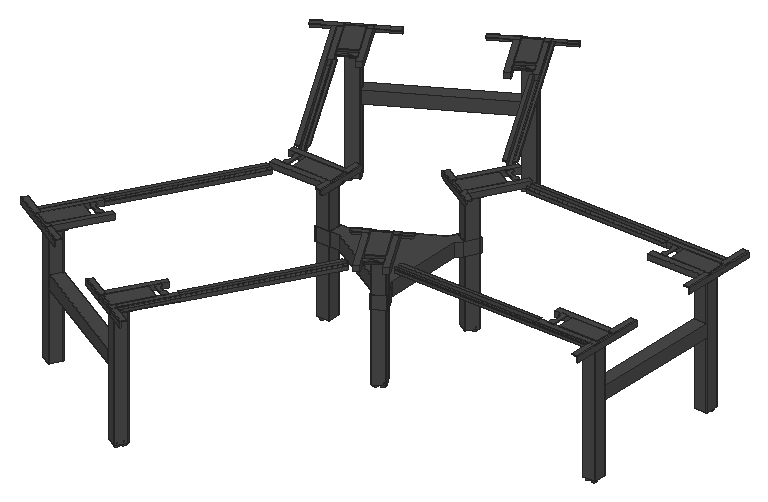
Revit family "Support-Teknion-HWBFYT_hiSpace_120_Frame-R2020", category Furniture, Revit 2020 (continued)
Lines and regions (in)
  symbolic lines, style "FurnitureHiddenLines", detail levels medium+fine
    curve 225: arc (56.37551, -16.35825, 0) -> (56.47295, -16.31789, 0) -> (56.51331, -16.22046, 0) r 0.1378
    curve 226: line (53.79677, -13.64172, 0) -> (53.79677, -11.89172, 0)
    curve 227: line (56.51331, -13.64172, 0) -> (56.51331, -11.89172, 0)
    curve 244: line (15.12499, 17.05825, 0) -> (45.12499, 17.05825, 0)
    curve 245: line (56.62499, 18.18325, 0) -> (15.12499, 18.18325, 0)
    curve 246: line (57.91633, 22.874, 0) -> (57.91633, 7.12597, 0)
    curve 247: line (57.91633, -7.12597, 0) -> (57.91633, -22.874, 0)
    curve 248: line (57.0448, 16.57479, 0) -> (53.26528, 16.57479, 0)
    curve 249: line (53.26528, 16.57479, 0) -> (53.26528, 13.42518, 0)
    curve 250: line (53.26528, 13.42518, 0) -> (57.0448, 13.42518, 0)
    curve 251: line (57.0448, 13.42518, 0) -> (57.0448, 16.57479, 0)
    curve 252: line (56.37551, 16.35828, 0) -> (53.93457, 16.35828, 0)
    curve 253: arc (53.93457, 16.35828, 0) -> (53.83713, 16.31792, 0) -> (53.79677, 16.22048, 0) r 0.1378
    curve 254: line (53.79677, 16.22048, 0) -> (53.79677, 13.77954, 0)
    curve 255: arc (53.79677, 13.77954, 0) -> (53.83713, 13.6821, 0) -> (53.93457, 13.64174, 0) r 0.1378
    curve 256: line (53.79677, 13.64174, 0) -> (56.51331, 13.64174, 0)
    curve 257: arc (56.37551, 13.64174, 0) -> (56.47295, 13.6821, 0) -> (56.51331, 13.77954, 0) r 0.1378
    curve 258: line (56.51331, 13.77954, 0) -> (56.51331, 16.22048, 0)
    curve 259: arc (56.51331, 16.22048, 0) -> (56.47295, 16.31792, 0) -> (56.37551, 16.35828, 0) r 0.1378
    curve 260: line (53.79677, 13.64174, 0) -> (53.79677, 11.89172, 0)
    curve 261: line (56.51331, 13.64174, 0) -> (56.51331, 11.89172, 0)
    curve 278: line (-11.15603, 5.51181, 0) -> (-11.15603, -5.51181, 0)
    curve 279: line (-12.31745, -3.10827, 0) -> (-11.15603, -3.10827, 0)
    curve 280: line (-11.64816, -1.91929, 0) -> (-11.15603, -1.91929, 0)
    curve 281: line (-12.31745, 3.10827, 0) -> (-11.15603, 3.10827, 0)
    curve 282: line (-11.64816, 1.91929, 0) -> (-11.15603, 1.91929, 0)
    curve 283: line (-12.02756, -1.5748, 0) -> (-12.02756, 1.5748, 0)
    curve 284: line (-12.02756, 1.5748, 0) -> (-15.80709, 1.5748, 0)
    curve 285: line (-15.80709, 1.5748, 0) -> (-15.80709, -1.5748, 0)
    curve 286: line (-15.80709, -1.5748, 0) -> (-12.02756, -1.5748, 0)
    curve 287: line (-12.2422, -1.49795, 0) -> (-12.2422, -0.51181, 0)
    curve 288: line (-12.2422, -0.51181, 0) -> (-12.3622, -0.51181, 0)
    curve 289: line (-12.3622, -0.51181, 0) -> (-12.3622, -1.37795, 0)
    curve 290: line (-12.3622, -1.37795, 0) -> (-15.27559, -1.37795, 0)
    curve 291: line (-15.27559, -1.37795, 0) -> (-15.27559, 1.37795, 0)
    curve 292: line (-15.27559, 1.37795, 0) -> (-12.3622, 1.37795, 0)
    curve 293: line (-12.3622, 1.37795, 0) -> (-12.3622, 0.51181, 0)
    curve 294: line (-12.3622, 0.51181, 0) -> (-12.2422, 0.51181, 0)
    curve 295: line (-12.2422, 0.51181, 0) -> (-12.2422, 1.49795, 0)
    curve 296: line (-12.2422, 1.49795, 0) -> (-15.39559, 1.49795, 0)
    curve 297: line (-15.39559, 1.49795, 0) -> (-15.39559, -1.49795, 0)
    curve 298: line (-15.39559, -1.49795, 0) -> (-12.2422, -1.49795, 0)
    curve 299: line (-12.42506, 1.33858, 0) -> (-12.42506, -1.33858, 0)
    curve 300: line (-12.55905, -1.33858, 0) -> (-12.55905, 1.33858, 0)
    curve 301: line (-12.55905, 0.625, 0) -> (-12.42506, 0.625, 0)
    curve 302: line (-12.42506, -0.625, 0) -> (-12.55905, -0.625, 0)
    curve 303: line (-15.13779, -1.35825, 0) -> (-12.69685, -1.35825, 0)
    curve 304: arc (-12.69685, -1.35825, 0) -> (-12.59941, -1.3179, 0) -> (-12.55905, -1.22046, 0) r 0.1378
    curve 305: arc (-15.27559, -1.22046, 0) -> (-15.23523, -1.3179, 0) -> (-15.13779, -1.35825, 0) r 0.1378
    curve 306: line (-12.69685, 1.35828, 0) -> (-15.13779, 1.35828, 0)
    curve 307: arc (-15.13779, 1.35828, 0) -> (-15.23523, 1.31792, 0) -> (-15.27559, 1.22049, 0) r 0.1378
    curve 308: arc (-12.55905, 1.22049, 0) -> (-12.59941, 1.31792, 0) -> (-12.69685, 1.35828, 0) r 0.1378
    curve 325: line (-12.1852, 1.41732, 0) -> (-12.1852, -1.41732, 0)
    curve 326: line (-10.47229, 1.41732, 0) -> (-12.1852, 1.41732, 0)
    curve 327: line (-10.38464, 1.38132, 0) -> (-12.1852, 1.38132, 0)
    curve 328: line (-12.1852, -1.38132, 0) -> (-10.38464, -1.38132, 0)
    curve 329: line (-12.1852, -1.41732, 0) -> (-10.47229, -1.41732, 0)
    curve 330: line (-10.38464, -1.38132, 0) -> (3.99668, -9.68438, 0)
    curve 331: line (-10.45151, -1.38132, 0) -> (-10.27987, -1.08404, 0)
    curve 332: line (-10.27987, -1.08404, 0) -> (-8.52987, -1.08404, 0)
    curve 333: line (-8.52987, -1.08404, 0) -> (3.32616, -7.92909, 0)
    curve 334: line (-10.27987, 1.08404, 0) -> (-10.45151, 1.38132, 0)
    curve 335: line (-8.52987, 1.08404, 0) -> (-10.27987, 1.08404, 0)
    curve 336: line (3.32585, 7.92922, 0) -> (-8.52987, 1.08404, 0)
    curve 337: line (4.86516, 11.26136, 0) -> (4.00871, 9.77793, 0)
    curve 338: line (4.89598, 11.24357, 0) -> (3.99544, 9.68367, 0)
    curve 339: line (7.32004, 9.84403, 0) -> (4.86516, 11.26136, 0)
    curve 340: line (4.02915, 9.74206, 0) -> (4.2008, 9.4448, 0)
    curve 341: line (4.2008, 9.4448, 0) -> (3.32585, 7.92922, 0)
    curve 342: line (6.46358, 8.36061, 0) -> (7.32004, 9.84403, 0)
    curve 343: line (6.38836, 8.30289, 0) -> (7.2885, 9.86224, 0)
    curve 344: line (6.07838, 8.36086, 0) -> (6.42182, 8.36086, 0)
    curve 345: line (5.20357, 6.84521, 0) -> (6.07838, 8.36086, 0)
    curve 346: line (6.38836, -8.30212, 0) -> (6.38836, 8.30289, 0)
    curve 347: line (5.20357, -6.84516, 0) -> (5.20357, 6.84521, 0)
    curve 348: line (3.32616, -7.92909, 0) -> (4.20116, -9.44463, 0)
    curve 349: line (6.07878, -8.36058, 0) -> (5.20357, -6.84516, 0)
    curve 350: line (6.42212, -8.36058, 0) -> (6.07878, -8.36058, 0)
    curve 351: line (4.20116, -9.44463, 0) -> (4.02971, -9.7416, 0)
    curve 352: line (4.00871, -9.77793, 0) -> (4.86516, -11.26136, 0)
    curve 353: line (3.99668, -9.68438, 0) -> (4.8967, -11.24315, 0)
    curve 354: line (7.32004, -9.84403, 0) -> (6.46358, -8.36061, 0)
    curve 355: line (7.28922, -9.86183, 0) -> (6.38836, -8.30212, 0)
    curve 356: line (4.86516, -11.26136, 0) -> (7.32004, -9.84403, 0)
    curve 357: line (9.26736, 12.90194, 0) -> (6.53972, 14.47674, 0)
    curve 358: line (6.53972, 14.47674, 0) -> (4.64996, 11.20357, 0)
    curve 359: line (4.64996, 11.20357, 0) -> (7.3776, 9.62877, 0)
    curve 360: line (7.3776, 9.62877, 0) -> (9.26736, 12.90194, 0)
    curve 361: line (10.35138, 6.9055, 0) -> (0.80465, 12.41731, 0)
    curve 362: line (2.88618, 11.21554, 0) -> (3.46689, 12.22136, 0)
    curve 363: line (8.26986, 8.10727, 0) -> (8.85056, 9.11309, 0)
    curve 364: line (7.24017, 8.70176, 0) -> (7.48623, 9.12796, 0)
    curve 365: line (3.91586, 10.62105, 0) -> (4.16192, 11.04725, 0)
    curve 366: line (3.99544, 9.68367, 0) -> (-10.38464, 1.38132, 0)
    curve 367: line (5.12028, 11.54575, 0) -> (7.43877, 10.20717, 0)
    curve 368: line (5.05328, 11.4297, 0) -> (7.37177, 10.09112, 0)
    curve 369: line (5.67126, 11.07291, 0) -> (5.73826, 11.18896, 0)
    curve 370: line (6.82079, 10.56396, 0) -> (6.75379, 10.44791, 0)
    curve 371: line (5.67786, 10.85797, 0) -> (5.73786, 10.96189, 0)
    curve 372: line (5.73786, 10.96189, 0) -> (4.98776, 11.39496, 0)
    curve 373: line (4.98776, 11.39496, 0) -> (6.44445, 13.91803, 0)
    curve 374: line (6.44445, 13.91803, 0) -> (8.83114, 12.54007, 0)
    curve 375: line (8.83114, 12.54007, 0) -> (7.37444, 10.01701, 0)
    curve 376: line (7.37444, 10.01701, 0) -> (6.62434, 10.45008, 0)
    curve 377: line (6.62434, 10.45008, 0) -> (6.56434, 10.34615, 0)
    curve 378: line (6.56434, 10.34615, 0) -> (7.41837, 9.85308, 0)
    curve 379: line (7.41837, 9.85308, 0) -> (8.99506, 12.584, 0)
    curve 380: line (8.99506, 12.584, 0) -> (6.40053, 14.08195, 0)
    curve 381: line (6.40053, 14.08195, 0) -> (4.82384, 11.35104, 0)
    curve 382: line (4.82384, 11.35104, 0) -> (5.67786, 10.85797, 0)
    curve 383: line (6.3926, 13.78886, 0) -> (5.17213, 11.67494, 0)
    curve 384: arc (6.58084, 13.8393, 0) -> (6.47627, 13.85306, 0) -> (6.3926, 13.78886, 0) r 0.1378
    curve 385: arc (5.17213, 11.67494, 0) -> (5.15837, 11.57038, 0) -> (5.22257, 11.48671, 0) r 0.1378
    curve 386: line (7.52472, 10.31667, 0) -> (8.74519, 12.43059, 0)
    curve 387: arc (8.74519, 12.43059, 0) -> (8.75896, 12.53516, 0) -> (8.69476, 12.61883, 0) r 0.1378
    curve 388: arc (7.33649, 10.26624, 0) -> (7.44105, 10.25247, 0) -> (7.52472, 10.31667, 0) r 0.1378
    curve 405: line (7.3776, -9.62877, 0) -> (4.64996, -11.20357, 0)
    curve 406: line (4.64996, -11.20357, 0) -> (6.53972, -14.47674, 0)
    curve 407: line (6.53972, -14.47674, 0) -> (9.26736, -12.90194, 0)
    curve 408: line (9.26736, -12.90194, 0) -> (7.3776, -9.62877, 0)
    curve 409: line (7.41837, -9.85308, 0) -> (6.56434, -10.34615, 0)
    curve 410: line (6.56434, -10.34615, 0) -> (6.62434, -10.45008, 0)
    curve 411: line (6.62434, -10.45008, 0) -> (7.37444, -10.01701, 0)
    curve 412: line (7.37444, -10.01701, 0) -> (8.83114, -12.54007, 0)
    curve 413: line (8.83114, -12.54007, 0) -> (6.44445, -13.91803, 0)
    curve 414: line (6.44445, -13.91803, 0) -> (4.98776, -11.39496, 0)
    curve 415: line (4.98776, -11.39496, 0) -> (5.73786, -10.96189, 0)
    curve 416: line (5.73786, -10.96189, 0) -> (5.67786, -10.85797, 0)
    curve 417: line (5.67786, -10.85797, 0) -> (4.82384, -11.35104, 0)
    curve 418: line (4.82384, -11.35104, 0) -> (6.40053, -14.08195, 0)
    curve 419: line (6.40053, -14.08195, 0) -> (8.99506, -12.584, 0)
    curve 420: line (8.99506, -12.584, 0) -> (7.41837, -9.85308, 0)
    curve 421: line (5.17213, -11.67492, 0) -> (6.3926, -13.78884, 0)
    curve 422: line (8.74519, -12.43057, 0) -> (7.52472, -10.31665, 0)
    curve 423: arc (8.69476, -12.6188, 0) -> (8.75896, -12.53513, 0) -> (8.74519, -12.43057, 0) r 0.1378
    curve 424: arc (6.3926, -13.78884, 0) -> (6.47627, -13.85304, 0) -> (6.58084, -13.83927, 0) r 0.1378
    curve 425: arc (5.22407, -11.48583, 0) -> (5.15859, -11.56952, 0) -> (5.17213, -11.67492, 0) r 0.1378
    curve 426: arc (7.52472, -10.31665, 0) -> (7.44105, -10.25245, 0) -> (7.33649, -10.26621, 0) r 0.1378
    curve 427: line (7.43877, -10.20717, 0) -> (5.12028, -11.54575, 0)
    curve 428: line (5.12028, 11.54575, 0) -> (5.05328, 11.4297, 0)
    curve 429: line (7.37177, 10.09112, 0) -> (7.43877, 10.20717, 0)
    curve 430: line (-12.42506, 1.33858, 0) -> (-12.55905, 1.33858, 0)
    curve 431: line (-12.55905, -1.33858, 0) -> (-12.42506, -1.33858, 0)
    curve 432: line (5.05328, -11.4297, 0) -> (5.12028, -11.54575, 0)
    curve 433: line (7.37177, -10.09112, 0) -> (5.05328, -11.4297, 0)
    curve 434: line (7.43877, -10.20717, 0) -> (7.37177, -10.09112, 0)
    curve 438: arc (5.22257, -11.48668, 0) -> (5.15837, -11.57035, 0) -> (5.17213, -11.67492, 0) r 0.1378
    curve 452: line (7.21038, -21.62775, 0) -> (-7.78962, -47.60852, 0)
    curve 453: line (-12.56534, -58.13031, 0) -> (8.18466, -22.19025, 0)
    curve 454: line (-23.30965, -4.007, 0) -> (-44.05965, -39.94706, 0)
    curve 455: line (-37.33538, -30.55026, 0) -> (-22.33538, -4.5695, 0)
    curve 456: line (6.75379, -10.44791, 0) -> (6.82079, -10.56396, 0)
    curve 457: line (5.73826, -11.18896, 0) -> (5.67126, -11.07291, 0)
    curve 458: line (-35.12943, -46.59403, 0) -> (-48.76763, -38.72001, 0)
    curve 459: line (-9.1487, -61.59401, 0) -> (-22.7869, -53.72, 0)
    curve 460: line (-38.25918, -39.41649, 0) -> (-40.98682, -37.84169, 0)
    curve 461: line (-40.98682, -37.84169, 0) -> (-42.87659, -41.11486, 0)
    curve 462: line (-42.87659, -41.11486, 0) -> (-40.14895, -42.68966, 0)
    curve 463: line (-40.14895, -42.68966, 0) -> (-38.25918, -39.41649, 0)
    curve 464: line (-42.30399, -40.83171, 0) -> (-40.19007, -42.05218, 0)
    curve 465: arc (-40.19007, -42.05218, 0) -> (-40.08551, -42.06595, 0) -> (-40.00184, -42.00175, 0) r 0.1378
    curve 466: line (-40.07074, -42.12109, 0) -> (-38.71247, -39.7685, 0)
    curve 467: arc (-38.78137, -39.88783, 0) -> (-38.7676, -39.78327, 0) -> (-38.8318, -39.6996, 0) r 0.1378
    curve 468: line (-37.19691, -40.64351, 0) -> (-38.71247, -39.7685, 0)
    curve 469: arc (-40.94572, -38.47912, 0) -> (-41.05028, -38.46536, 0) -> (-41.13395, -38.52956, 0) r 0.1378
    curve 470: line (-41.13395, -38.52956, 0) -> (-42.35443, -40.64348, 0)
    curve 471: arc (-42.35443, -40.64348, 0) -> (-42.36819, -40.74804, 0) -> (-42.30399, -40.83171, 0) r 0.1378
    curve 488: line (-12.27845, -54.41647, 0) -> (-15.00609, -52.84167, 0)
    curve 489: line (-15.00609, -52.84167, 0) -> (-16.89585, -56.11484, 0)
    curve 490: line (-16.89585, -56.11484, 0) -> (-14.16822, -57.68964, 0)
    curve 491: line (-14.16822, -57.68964, 0) -> (-12.27845, -54.41647, 0)
    curve 492: line (-12.85105, -54.69959, 0) -> (-14.96497, -53.47912, 0)
    curve 493: arc (-14.96497, -53.47912, 0) -> (-15.06953, -53.46535, 0) -> (-15.1532, -53.52956, 0) r 0.1378
    curve 494: line (-15.08431, -53.41023, 0) -> (-16.44258, -55.76282, 0)
    curve 495: arc (-16.37367, -55.64348, 0) -> (-16.38744, -55.74804, 0) -> (-16.32324, -55.83171, 0) r 0.1378
    curve 496: line (-17.95812, -54.88782, 0) -> (-16.44258, -55.76282, 0)
    curve 497: arc (-14.20932, -57.05218, 0) -> (-14.10475, -57.06595, 0) -> (-14.02108, -57.00174, 0) r 0.1378
    curve 498: line (-14.02108, -57.00174, 0) -> (-12.80061, -54.88782, 0)
    curve 499: arc (-12.80061, -54.88782, 0) -> (-12.78684, -54.78326, 0) -> (-12.85105, -54.69959, 0) r 0.1378
    curve 516: line (-44.05965, 39.94706, 0) -> (-23.30965, 4.007, 0)
    curve 517: line (-22.33537, 4.5695, 0) -> (-37.33537, 30.55026, 0)
    curve 518: line (-7.78962, 47.60851, 0) -> (7.21038, 21.62775, 0)
    curve 519: line (8.18466, 22.19025, 0) -> (-12.56534, 58.13031, 0)
    curve 520: line (-48.76763, 38.72001, 0) -> (-35.12943, 46.59403, 0)
    curve 521: line (-22.7869, 53.72, 0) -> (-9.1487, 61.59401, 0)
    curve 522: line (-15.00609, 52.84167, 0) -> (-12.27845, 54.41647, 0)
    curve 523: line (-12.27845, 54.41647, 0) -> (-14.16822, 57.68964, 0)
    curve 524: line (-14.16822, 57.68964, 0) -> (-16.89585, 56.11484, 0)
    curve 525: line (-16.89585, 56.11484, 0) -> (-15.00609, 52.84167, 0)
    curve 526: line (-14.20932, 57.05221, 0) -> (-16.32324, 55.83173, 0)
    curve 527: arc (-16.32324, 55.83173, 0) -> (-16.38744, 55.74806, 0) -> (-16.37367, 55.6435, 0) r 0.1378
    curve 528: line (-16.44256, 55.76283, 0) -> (-15.0843, 53.41024, 0)
    curve 529: arc (-15.1532, 53.52958, 0) -> (-15.06953, 53.46538, 0) -> (-14.96497, 53.47915, 0) r 0.1378
    curve 530: line (-16.59986, 52.53523, 0) -> (-15.0843, 53.41024, 0)
    curve 531: arc (-12.85105, 54.69962, 0) -> (-12.78684, 54.78329, 0) -> (-12.80061, 54.88785, 0) r 0.1378
    curve 532: line (-12.80061, 54.88785, 0) -> (-14.02108, 57.00177, 0)
    curve 533: arc (-14.02108, 57.00177, 0) -> (-14.10475, 57.06597, 0) -> (-14.20932, 57.05221, 0) r 0.1378
    curve 550: line (-40.98682, 37.84169, 0) -> (-38.25918, 39.41649, 0)
    curve 551: line (-38.25918, 39.41649, 0) -> (-40.14895, 42.68966, 0)
    curve 552: line (-40.14895, 42.68966, 0) -> (-42.87659, 41.11486, 0)
    curve 553: line (-42.87659, 41.11486, 0) -> (-40.98682, 37.84169, 0)
    curve 554: line (-40.94572, 38.47915, 0) -> (-38.8318, 39.69962, 0)
    curve 555: arc (-38.8318, 39.69962, 0) -> (-38.7676, 39.78329, 0) -> (-38.78137, 39.88785, 0) r 0.1378
    curve 556: line (-38.71246, 39.76851, 0) -> (-40.07073, 42.1211, 0)
    curve 557: arc (-40.00184, 42.00177, 0) -> (-40.08551, 42.06598, 0) -> (-40.19007, 42.05221, 0) r 0.1378
    curve 558: line (-38.55518, 42.9961, 0) -> (-40.07073, 42.1211, 0)
    curve 559: arc (-42.30399, 40.83174, 0) -> (-42.36819, 40.74807, 0) -> (-42.35443, 40.64351, 0) r 0.1378
    curve 560: line (-42.35443, 40.64351, 0) -> (-41.13395, 38.52959, 0)
    curve 561: arc (-41.13395, 38.52959, 0) -> (-41.05028, 38.46538, 0) -> (-40.94572, 38.47915, 0) r 0.1378
    curve 578: line (-44.64037, 41.10289, 0) -> (-44.05966, 40.09707, 0)
    curve 579: line (-43.02998, 40.69156, 0) -> (-43.61069, 41.69738, 0)
    curve 580: line (-40.28638, 43.61667, 0) -> (-39.70567, 42.61085, 0)
    curve 581: line (-37.19691, 40.64351, 0) -> (-39.25669, 44.21116, 0)
    curve 582: line (-18.65964, 56.10287, 0) -> (-18.07893, 55.09705, 0)
    curve 583: line (-17.04924, 55.69154, 0) -> (-11.62995, 46.30505, 0)
    curve 584: line (-14.30564, 58.61665, 0) -> (-13.72493, 57.61083, 0)
    curve 585: line (-12.69525, 58.20532, 0) -> (-13.27596, 59.21114, 0)
    curve 586: line (57.91633, -11.89172, 0) -> (56.75491, -11.89172, 0)
    curve 587: line (56.75491, -13.08069, 0) -> (57.91633, -13.08069, 0)
    curve 588: line (56.75491, -18.10825, 0) -> (57.91633, -18.10825, 0)
    curve 589: line (57.91633, -16.91927, 0) -> (56.75491, -16.91927, 0)
    curve 590: line (57.91633, 13.08069, 0) -> (56.75491, 13.08069, 0)
    curve 591: line (56.75491, 11.89172, 0) -> (57.91633, 11.89172, 0)
    curve 592: line (57.91633, 18.10825, 0) -> (56.75491, 18.10825, 0)
    curve 593: line (56.75491, 16.91927, 0) -> (57.91633, 16.91927, 0)
    curve 594: line (-13.27596, -59.21114, 0) -> (-12.69523, -58.20529, 0)
    curve 595: line (-13.72492, -57.6108, 0) -> (-14.30564, -58.61665, 0)
    curve 596: line (-17.62995, -56.69736, 0) -> (-17.04923, -55.69151, 0)
    curve 597: line (-16.59986, -52.53523, 0) -> (-18.65964, -56.10287, 0)
    curve 598: line (-44.05957, -40.09691, 0) -> (-44.64037, -41.10289, 0)
    curve 599: line (-43.61069, -41.69738, 0) -> (-43.02989, -40.6914, 0)
    curve 600: line (-39.70558, -42.61069, 0) -> (-40.28638, -43.61667, 0)
    curve 601: line (-39.25669, -44.21116, 0) -> (-37.19691, -40.64351, 0)
    curve 674: line (-40.19007, 42.05221, 0) -> (-42.30399, 40.83174, 0)
    curve 675: line (-38.71246, 39.76851, 0) -> (-37.19691, 40.64351, 0)
    curve 676: line (-18.65964, 56.10287, 0) -> (-16.59986, 52.53523, 0)
    curve 677: line (-17.04924, 55.69154, 0) -> (-17.62995, 56.69736, 0)
    curve 678: line (-16.44256, 55.76283, 0) -> (-17.95813, 54.88782, 0)
    curve 679: line (-14.96497, 53.47915, 0) -> (-12.85105, 54.69962, 0)
    curve 680: line (-15.08431, -53.41023, 0) -> (-16.59986, -52.53523, 0)
    curve 681: line (-16.32324, -55.83171, 0) -> (-14.20932, -57.05218, 0)
    curve 682: line (-38.8318, -39.6996, 0) -> (-40.94572, -38.47912, 0)
    curve 683: line (-40.07074, -42.12109, 0) -> (-38.55518, -42.9961, 0)
    curve 684: line (0.80465, -12.41731, 0) -> (10.35138, -6.9055, 0)
    curve 685: line (8.85056, -9.11309, 0) -> (8.26986, -8.10727, 0)
    curve 686: line (7.24017, -8.70176, 0) -> (7.82088, -9.70758, 0)
    curve 687: line (4.49657, -11.62687, 0) -> (3.91586, -10.62105, 0)
    curve 688: line (2.88618, -11.21554, 0) -> (3.46689, -12.22136, 0)
  symbolic lines, style "FurnitureHiddenLines", visible <- "Extended Electric - Extended (22.6"-48.7")", detail levels medium+fine
    curve 228: line (56.32433, -16.07085, 0) -> (56.32433, -13.92518, 0)
    curve 229: arc (56.32433, -13.92518, 0) -> (56.2955, -13.85558, 0) -> (56.22591, -13.82675, 0) r 0.09843
    curve 230: line (56.22591, -13.82675, 0) -> (54.08024, -13.82675, 0)
    curve 231: arc (54.08024, -13.82675, 0) -> (54.01064, -13.85558, 0) -> (53.98181, -13.92518, 0) r 0.09843
    curve 232: line (53.98181, -13.92518, 0) -> (53.98181, -16.07085, 0)
    curve 233: arc (53.98181, -16.07085, 0) -> (54.01064, -16.14045, 0) -> (54.08024, -16.16927, 0) r 0.09843
    curve 234: line (54.08024, -16.16927, 0) -> (56.22591, -16.16927, 0)
    curve 235: arc (56.22591, -16.16927, 0) -> (56.2955, -16.14045, 0) -> (56.32433, -16.07085, 0) r 0.09843
    curve 236: line (56.13929, -15.88581, 0) -> (56.13929, -14.11416, 0)
    curve 237: arc (56.13929, -14.11416, 0) -> (56.11046, -14.04456, 0) -> (56.04087, -14.01573, 0) r 0.09843
    curve 238: line (56.04087, -14.01573, 0) -> (54.26921, -14.01573, 0)
    curve 239: arc (54.26921, -14.01573, 0) -> (54.19962, -14.04456, 0) -> (54.17079, -14.11416, 0) r 0.09843
    curve 240: line (54.17079, -14.11416, 0) -> (54.17079, -15.88581, 0)
    curve 241: arc (54.17079, -15.88581, 0) -> (54.19962, -15.95541, 0) -> (54.26921, -15.98424, 0) r 0.09843
    curve 242: line (54.26921, -15.98424, 0) -> (56.04087, -15.98424, 0)
    curve 243: arc (56.04087, -15.98424, 0) -> (56.11046, -15.95541, 0) -> (56.13929, -15.88581, 0) r 0.09843
    curve 262: line (56.32827, 13.92518, 0) -> (56.32827, 16.07479, 0)
    curve 263: arc (56.32827, 16.07479, 0) -> (56.29944, 16.14438, 0) -> (56.22984, 16.17321, 0) r 0.09843
    curve 264: line (56.22984, 16.17321, 0) -> (54.08024, 16.17321, 0)
    curve 265: arc (54.08024, 16.17321, 0) -> (54.01064, 16.14438, 0) -> (53.98181, 16.07479, 0) r 0.09843
    curve 266: line (53.98181, 16.07479, 0) -> (53.98181, 13.92518, 0)
    curve 267: arc (53.98181, 13.92518, 0) -> (54.01064, 13.85558, 0) -> (54.08024, 13.82675, 0) r 0.09843
    curve 268: line (54.08024, 13.82675, 0) -> (56.22984, 13.82675, 0)
    curve 269: arc (56.22984, 13.82675, 0) -> (56.29944, 13.85558, 0) -> (56.32827, 13.92518, 0) r 0.09843
    curve 270: line (56.13929, 14.11416, 0) -> (56.13929, 15.88581, 0)
    curve 271: arc (56.13929, 15.88581, 0) -> (56.11046, 15.95541, 0) -> (56.04087, 15.98424, 0) r 0.09843
    curve 272: line (56.04087, 15.98424, 0) -> (54.26921, 15.98424, 0)
    curve 273: arc (54.26921, 15.98424, 0) -> (54.19962, 15.95541, 0) -> (54.17079, 15.88581, 0) r 0.09843
    curve 274: line (54.17079, 15.88581, 0) -> (54.17079, 14.11416, 0)
    curve 275: arc (54.17079, 14.11416, 0) -> (54.19962, 14.04456, 0) -> (54.26921, 14.01573, 0) r 0.09843
    curve 276: line (54.26921, 14.01573, 0) -> (56.04087, 14.01573, 0)
    curve 277: arc (56.04087, 14.01573, 0) -> (56.11046, 14.04456, 0) -> (56.13929, 14.11416, 0) r 0.09843
    curve 309: line (-12.84646, 1.17323, 0) -> (-14.99213, 1.17323, 0)
    curve 310: arc (-14.99213, 1.17323, 0) -> (-15.06172, 1.1444, 0) -> (-15.09055, 1.0748, 0) r 0.09843
    curve 311: line (-15.09055, 1.0748, 0) -> (-15.09055, -1.07087, 0)
    curve 312: arc (-15.09055, -1.07087, 0) -> (-15.06172, -1.14046, 0) -> (-14.99213, -1.16929, 0) r 0.09843
    curve 313: line (-14.99213, -1.16929, 0) -> (-12.84646, -1.16929, 0)
    curve 314: arc (-12.84646, -1.16929, 0) -> (-12.77686, -1.14046, 0) -> (-12.74803, -1.07087, 0) r 0.09843
    curve 315: line (-12.74803, -1.07087, 0) -> (-12.74803, 1.0748, 0)
    curve 316: arc (-12.74803, 1.0748, 0) -> (-12.77686, 1.1444, 0) -> (-12.84646, 1.17323, 0) r 0.09843
    curve 317: line (-14.80315, -0.98425, 0) -> (-13.0315, -0.98425, 0)
    curve 318: arc (-13.0315, -0.98425, 0) -> (-12.9619, -0.95542, 0) -> (-12.93307, -0.88583, 0) r 0.09843
    curve 319: line (-12.93307, -0.88583, 0) -> (-12.93307, 0.88583, 0)
    curve 320: arc (-12.93307, 0.88583, 0) -> (-12.9619, 0.95542, 0) -> (-13.0315, 0.98425, 0) r 0.09843
    curve 321: line (-13.0315, 0.98425, 0) -> (-14.80315, 0.98425, 0)
    curve 322: arc (-14.80315, 0.98425, 0) -> (-14.87275, 0.95542, 0) -> (-14.90157, 0.88583, 0) r 0.09843
    curve 323: line (-14.90157, 0.88583, 0) -> (-14.90157, -0.88583, 0)
    curve 324: arc (-14.90157, -0.88583, 0) -> (-14.87275, -0.95542, 0) -> (-14.80315, -0.98425, 0) r 0.09843
    curve 389: line (8.47608, 12.5314, 0) -> (6.61788, 13.60423, 0)
    curve 390: arc (6.61788, 13.60423, 0) -> (6.54319, 13.61407, 0) -> (6.48343, 13.56821, 0) r 0.09843
    curve 391: line (6.48343, 13.56821, 0) -> (5.41059, 11.71, 0)
    curve 392: arc (5.41059, 11.71, 0) -> (5.40076, 11.63532, 0) -> (5.44662, 11.57555, 0) r 0.09843
    curve 393: line (5.44662, 11.57555, 0) -> (7.30482, 10.50272, 0)
    curve 394: arc (7.30482, 10.50272, 0) -> (7.37951, 10.49288, 0) -> (7.43927, 10.53874, 0) r 0.09843
    curve 395: line (7.43927, 10.53874, 0) -> (8.51211, 12.39695, 0)
    curve 396: arc (8.51211, 12.39695, 0) -> (8.52194, 12.47163, 0) -> (8.47608, 12.5314, 0) r 0.09843
    curve 397: line (5.69939, 11.64328, 0) -> (7.23368, 10.75745, 0)
    curve 398: arc (7.23368, 10.75745, 0) -> (7.30837, 10.74762, 0) -> (7.36814, 10.79348, 0) r 0.09843
    curve 399: line (7.36814, 10.79348, 0) -> (8.25396, 12.32778, 0)
    curve 400: arc (8.25396, 12.32778, 0) -> (8.26379, 12.40246, 0) -> (8.21794, 12.46223, 0) r 0.09843
    curve 401: line (8.21794, 12.46223, 0) -> (6.68364, 13.34806, 0)
    curve 402: arc (6.68364, 13.34806, 0) -> (6.60895, 13.35789, 0) -> (6.54919, 13.31203, 0) r 0.09843
    curve 403: line (6.54919, 13.31203, 0) -> (5.66336, 11.77773, 0)
    curve 404: arc (5.66336, 11.77773, 0) -> (5.65353, 11.70305, 0) -> (5.69939, 11.64328, 0) r 0.09843
    curve 435: line (6.61447, -13.6062, 0) -> (8.47267, -12.53337, 0)
    curve 436: arc (8.47267, -12.53337, 0) -> (8.51853, -12.4736, 0) -> (8.5087, -12.39892, 0) r 0.09843
    curve 437: arc (6.48002, -13.57018, 0) -> (6.53978, -13.61603, 0) -> (6.61447, -13.6062, 0) r 0.09843
    curve 439: line (8.5087, -12.39892, 0) -> (7.43586, -10.54071, 0)
    curve 440: line (5.40718, -11.71197, 0) -> (6.48002, -13.57018, 0)
    curve 441: arc (7.43586, -10.54071, 0) -> (7.3761, -10.49485, 0) -> (7.30141, -10.50469, 0) r 0.09843
    curve 442: arc (5.44321, -11.57752, 0) -> (5.39735, -11.63729, 0) -> (5.40718, -11.71197, 0) r 0.09843
    curve 443: line (6.68364, -13.34806, 0) -> (8.21794, -12.46223, 0)
    curve 444: arc (8.21794, -12.46223, 0) -> (8.26379, -12.40246, 0) -> (8.25396, -12.32778, 0) r 0.09843
    curve 445: arc (6.54919, -13.31203, 0) -> (6.60895, -13.35789, 0) -> (6.68364, -13.34806, 0) r 0.09843
    curve 446: line (5.66336, -11.77773, 0) -> (6.54919, -13.31203, 0)
    curve 447: line (8.25396, -12.32778, 0) -> (7.36814, -10.79348, 0)
    curve 448: arc (5.69939, -11.64328, 0) -> (5.65353, -11.70305, 0) -> (5.66336, -11.77773, 0) r 0.09843
    curve 449: arc (7.36814, -10.79348, 0) -> (7.30837, -10.74762, 0) -> (7.23368, -10.75745, 0) r 0.09843
    curve 450: line (7.23368, -10.75745, 0) -> (5.69939, -11.64328, 0)
    curve 451: line (7.30141, -10.50469, 0) -> (5.44321, -11.57752, 0)
    curve 472: line (-39.05047, -39.78703, 0) -> (-40.90867, -38.7142, 0)
    curve 473: arc (-40.90867, -38.7142, 0) -> (-40.98336, -38.70436, 0) -> (-41.04312, -38.75022, 0) r 0.09843
    curve 474: line (-41.04312, -38.75022, 0) -> (-42.11596, -40.60843, 0)
    curve 475: arc (-42.11596, -40.60843, 0) -> (-42.12579, -40.68311, 0) -> (-42.07993, -40.74288, 0) r 0.09843
    curve 476: line (-42.07993, -40.74288, 0) -> (-40.22172, -41.81571, 0)
    curve 477: arc (-40.22172, -41.81571, 0) -> (-40.14704, -41.82554, 0) -> (-40.08727, -41.77969, 0) r 0.09843
    curve 478: line (-40.08727, -41.77969, 0) -> (-39.01444, -39.92148, 0)
    curve 479: arc (-39.01444, -39.92148, 0) -> (-39.00461, -39.84679, 0) -> (-39.05047, -39.78703, 0) r 0.09843
    curve 480: line (-39.30861, -39.8562, 0) -> (-40.84291, -38.97037, 0)
    curve 481: arc (-40.84291, -38.97037, 0) -> (-40.9176, -38.96054, 0) -> (-40.97736, -39.0064, 0) r 0.09843
    curve 482: line (-40.97736, -39.0064, 0) -> (-41.86319, -40.5407, 0)
    curve 483: arc (-41.86319, -40.5407, 0) -> (-41.87302, -40.61538, 0) -> (-41.82716, -40.67515, 0) r 0.09843
    curve 484: line (-41.82716, -40.67515, 0) -> (-40.29286, -41.56097, 0)
    curve 485: arc (-40.29286, -41.56097, 0) -> (-40.21818, -41.57081, 0) -> (-40.15841, -41.52495, 0) r 0.09843
    curve 486: line (-40.15841, -41.52495, 0) -> (-39.27259, -39.99065, 0)
    curve 487: arc (-39.27259, -39.99065, 0) -> (-39.26275, -39.91596, 0) -> (-39.30861, -39.8562, 0) r 0.09843
    curve 500: line (-13.06973, -54.78701, 0) -> (-14.92794, -53.71418, 0)
    curve 501: arc (-14.92794, -53.71418, 0) -> (-15.00262, -53.70435, 0) -> (-15.06239, -53.7502, 0) r 0.09843
    curve 502: line (-15.06239, -53.7502, 0) -> (-16.13522, -55.60841, 0)
    curve 503: arc (-16.13522, -55.60841, 0) -> (-16.14506, -55.6831, 0) -> (-16.0992, -55.74286, 0) r 0.09843
    curve 504: line (-16.0992, -55.74286, 0) -> (-14.24099, -56.81569, 0)
    curve 505: arc (-14.24099, -56.81569, 0) -> (-14.16631, -56.82553, 0) -> (-14.10654, -56.77967, 0) r 0.09843
    curve 506: line (-14.10654, -56.77967, 0) -> (-13.03371, -54.92146, 0)
    curve 507: arc (-13.03371, -54.92146, 0) -> (-13.02387, -54.84678, 0) -> (-13.06973, -54.78701, 0) r 0.09843
    curve 508: line (-13.32788, -54.85618, 0) -> (-14.86218, -53.97036, 0)
    curve 509: arc (-14.86218, -53.97036, 0) -> (-14.93686, -53.96052, 0) -> (-14.99663, -54.00638, 0) r 0.09843
    curve 510: line (-14.99663, -54.00638, 0) -> (-15.88245, -55.54068, 0)
    curve 511: arc (-15.88245, -55.54068, 0) -> (-15.89229, -55.61537, 0) -> (-15.84643, -55.67513, 0) r 0.09843
    curve 512: line (-15.84643, -55.67513, 0) -> (-14.31213, -56.56096, 0)
    curve 513: arc (-14.31213, -56.56096, 0) -> (-14.23744, -56.57079, 0) -> (-14.17768, -56.52493, 0) r 0.09843
    curve 514: line (-14.17768, -56.52493, 0) -> (-13.29185, -54.99063, 0)
    curve 515: arc (-13.29185, -54.99063, 0) -> (-13.28202, -54.91595, 0) -> (-13.32788, -54.85618, 0) r 0.09843
    curve 534: line (-14.2444, 56.81373, 0) -> (-16.10261, 55.74089, 0)
    curve 535: arc (-16.10261, 55.74089, 0) -> (-16.14846, 55.68113, 0) -> (-16.13863, 55.60644, 0) r 0.09843
    curve 536: line (-16.13863, 55.60644, 0) -> (-15.0658, 53.74824, 0)
    curve 537: arc (-15.0658, 53.74824, 0) -> (-15.00603, 53.70238, 0) -> (-14.93135, 53.71221, 0) r 0.09843
    curve 538: line (-14.93135, 53.71221, 0) -> (-13.07314, 54.78504, 0)
    curve 539: arc (-13.07314, 54.78504, 0) -> (-13.02728, 54.84481, 0) -> (-13.03712, 54.9195, 0) r 0.09843
    curve 540: line (-13.03712, 54.9195, 0) -> (-14.10995, 56.7777, 0)
    curve 541: arc (-14.10995, 56.7777, 0) -> (-14.16971, 56.82356, 0) -> (-14.2444, 56.81373, 0) r 0.09843
    curve 542: line (-15.88245, 55.54068, 0) -> (-14.99663, 54.00638, 0)
    curve 543: arc (-14.99663, 54.00638, 0) -> (-14.93686, 53.96052, 0) -> (-14.86218, 53.97036, 0) r 0.09843
    curve 544: line (-14.86218, 53.97036, 0) -> (-13.32788, 54.85618, 0)
    curve 545: arc (-13.32788, 54.85618, 0) -> (-13.28202, 54.91595, 0) -> (-13.29185, 54.99063, 0) r 0.09843
    curve 546: line (-13.29185, 54.99063, 0) -> (-14.17768, 56.52493, 0)
    curve 547: arc (-14.17768, 56.52493, 0) -> (-14.23744, 56.57079, 0) -> (-14.31213, 56.56096, 0) r 0.09843
    curve 548: line (-14.31213, 56.56096, 0) -> (-15.84643, 55.67513, 0)
    curve 549: arc (-15.84643, 55.67513, 0) -> (-15.89229, 55.61537, 0) -> (-15.88245, 55.54068, 0) r 0.09843
    curve 562: line (-39.01785, 39.91951, 0) -> (-40.09068, 41.77772, 0)
    curve 563: arc (-40.09068, 41.77772, 0) -> (-40.15045, 41.82358, 0) -> (-40.22513, 41.81374, 0) r 0.09843
    curve 564: line (-40.22513, 41.81374, 0) -> (-42.08334, 40.74091, 0)
    curve 565: arc (-42.08334, 40.74091, 0) -> (-42.1292, 40.68114, 0) -> (-42.11936, 40.60646, 0) r 0.09843
    curve 566: line (-42.11936, 40.60646, 0) -> (-41.04653, 38.74825, 0)
    curve 567: arc (-41.04653, 38.74825, 0) -> (-40.98677, 38.70239, 0) -> (-40.91208, 38.71223, 0) r 0.09843
    curve 568: line (-40.91208, 38.71223, 0) -> (-39.05387, 39.78506, 0)
    curve 569: arc (-39.05387, 39.78506, 0) -> (-39.00802, 39.84483, 0) -> (-39.01785, 39.91951, 0) r 0.09843
    curve 570: line (-39.27259, 39.99065, 0) -> (-40.15841, 41.52495, 0)
    curve 571: arc (-40.15841, 41.52495, 0) -> (-40.21818, 41.57081, 0) -> (-40.29286, 41.56097, 0) r 0.09843
    curve 572: line (-40.29286, 41.56097, 0) -> (-41.82716, 40.67515, 0)
    curve 573: arc (-41.82716, 40.67515, 0) -> (-41.87302, 40.61538, 0) -> (-41.86319, 40.5407, 0) r 0.09843
    curve 574: line (-41.86319, 40.5407, 0) -> (-40.97736, 39.0064, 0)
    curve 575: arc (-40.97736, 39.0064, 0) -> (-40.9176, 38.96054, 0) -> (-40.84291, 38.97037, 0) r 0.09843
    curve 576: line (-40.84291, 38.97037, 0) -> (-39.30861, 39.8562, 0)
    curve 577: arc (-39.30861, 39.8562, 0) -> (-39.26275, 39.91596, 0) -> (-39.27259, 39.99065, 0) r 0.09843
  symbolic lines, style "FurnitureHiddenLines", detail levels fine
    curve 602: arc (-41.68766, -40.92564, 0) -> (-41.01541, -40.74552, 0) -> (-41.19553, -40.07327, 0) r 0.49212
    curve 603: arc (-41.19553, -40.07327, 0) -> (-41.86778, -40.25339, 0) -> (-41.68766, -40.92564, 0) r 0.49212
    curve 604: arc (-41.50065, -40.60174, 0) -> (-41.33931, -40.55851, 0) -> (-41.38254, -40.39717, 0) r 0.11811
    curve 605: arc (-41.38254, -40.39717, 0) -> (-41.54388, -40.4404, 0) -> (-41.50065, -40.60174, 0) r 0.11811
    curve 606: arc (-41.04789, -39.81754, 0) -> (-40.37564, -39.63741, 0) -> (-40.55577, -38.96516, 0) r 0.49212
    curve 607: arc (-40.55577, -38.96516, 0) -> (-41.22802, -39.14529, 0) -> (-41.04789, -39.81754, 0) r 0.49212
    curve 608: arc (-40.86089, -39.49364, 0) -> (-40.69954, -39.45041, 0) -> (-40.74278, -39.28906, 0) r 0.11811
    curve 609: arc (-40.74278, -39.28906, 0) -> (-40.90412, -39.3323, 0) -> (-40.86089, -39.49364, 0) r 0.11811
    curve 610: arc (-14.59882, -56.56539, 0) -> (-13.92657, -56.38526, 0) -> (-14.1067, -55.71301, 0) r 0.49212
    curve 611: arc (-14.1067, -55.71301, 0) -> (-14.77895, -55.89314, 0) -> (-14.59882, -56.56539, 0) r 0.49212
    curve 612: arc (-14.41182, -56.24149, 0) -> (-14.25047, -56.19826, 0) -> (-14.2937, -56.03692, 0) r 0.11811
    curve 613: arc (-14.2937, -56.03692, 0) -> (-14.45505, -56.08015, 0) -> (-14.41182, -56.24149, 0) r 0.11811
    curve 614: arc (-13.95906, -55.45729, 0) -> (-13.28681, -55.27716, 0) -> (-13.46693, -54.60491, 0) r 0.49212
    curve 615: arc (-13.46693, -54.60491, 0) -> (-14.13918, -54.78504, 0) -> (-13.95906, -55.45729, 0) r 0.49212
    curve 616: arc (-13.65394, -54.92881, 0) -> (-13.81528, -54.97204, 0) -> (-13.77205, -55.13339, 0) r 0.11811
    curve 617: arc (-13.77205, -55.13339, 0) -> (-13.61071, -55.09016, 0) -> (-13.65394, -54.92881, 0) r 0.11811
    curve 618: arc (-41.19553, 40.07327, 0) -> (-41.01541, 40.74552, 0) -> (-41.68766, 40.92564, 0) r 0.49212
    curve 619: arc (-41.68766, 40.92564, 0) -> (-41.86778, 40.25339, 0) -> (-41.19553, 40.07327, 0) r 0.49212
    curve 620: arc (-41.38254, 40.39717, 0) -> (-41.33931, 40.55851, 0) -> (-41.50065, 40.60174, 0) r 0.11811
    curve 621: arc (-41.50065, 40.60174, 0) -> (-41.54388, 40.4404, 0) -> (-41.38254, 40.39717, 0) r 0.11811
    curve 622: arc (-40.55577, 38.96516, 0) -> (-40.37564, 39.63741, 0) -> (-41.04789, 39.81754, 0) r 0.49212
    curve 623: arc (-41.04789, 39.81754, 0) -> (-41.22802, 39.14529, 0) -> (-40.55577, 38.96516, 0) r 0.49212
    curve 624: arc (-40.74278, 39.28907, 0) -> (-40.69955, 39.45041, 0) -> (-40.86089, 39.49364, 0) r 0.11811
    curve 625: arc (-40.86089, 39.49364, 0) -> (-40.90412, 39.3323, 0) -> (-40.74278, 39.28907, 0) r 0.11811
    curve 626: arc (-14.59882, 56.56539, 0) -> (-14.77895, 55.89314, 0) -> (-14.1067, 55.71301, 0) r 0.49212
    curve 627: arc (-14.1067, 55.71301, 0) -> (-13.92657, 56.38526, 0) -> (-14.59882, 56.56539, 0) r 0.49212
    curve 628: arc (-14.2937, 56.03692, 0) -> (-14.25047, 56.19826, 0) -> (-14.41181, 56.24149, 0) r 0.11811
    curve 629: arc (-14.41181, 56.24149, 0) -> (-14.45505, 56.08015, 0) -> (-14.2937, 56.03692, 0) r 0.11811
    curve 630: arc (-13.46693, 54.60491, 0) -> (-13.28681, 55.27716, 0) -> (-13.95906, 55.45729, 0) r 0.49212
    curve 631: arc (-13.95906, 55.45729, 0) -> (-14.13918, 54.78504, 0) -> (-13.46693, 54.60491, 0) r 0.49212
    curve 632: arc (-13.65394, 54.92881, 0) -> (-13.61071, 55.09015, 0) -> (-13.77205, 55.13339, 0) r 0.11811
    curve 633: arc (-13.77205, 55.13339, 0) -> (-13.81528, 54.97204, 0) -> (-13.65394, 54.92881, 0) r 0.11811
    curve 634: arc (56.28648, 15.63975, 0) -> (55.79436, 16.13187, 0) -> (55.30223, 15.63975, 0) r 0.49212
    curve 635: arc (55.30223, 15.63975, 0) -> (55.79436, 15.14763, 0) -> (56.28648, 15.63975, 0) r 0.49212
    curve 636: arc (55.67625, 15.63975, 0) -> (55.79436, 15.52164, 0) -> (55.91247, 15.63975, 0) r 0.11811
    curve 637: arc (55.91247, 15.63975, 0) -> (55.79436, 15.75786, 0) -> (55.67625, 15.63975, 0) r 0.11811
    curve 638: arc (55.00695, 15.63975, 0) -> (54.51483, 16.13187, 0) -> (54.02271, 15.63975, 0) r 0.49212
    curve 639: arc (54.02271, 15.63975, 0) -> (54.51483, 15.14763, 0) -> (55.00695, 15.63975, 0) r 0.49212
    curve 640: arc (54.39672, 15.63975, 0) -> (54.51483, 15.52164, 0) -> (54.63294, 15.63975, 0) r 0.11811
    curve 641: arc (54.63294, 15.63975, 0) -> (54.51483, 15.75786, 0) -> (54.39672, 15.63975, 0) r 0.11811
    curve 642: arc (56.28648, -15.63975, 0) -> (55.79436, -15.14763, 0) -> (55.30223, -15.63975, 0) r 0.49212
    curve 643: arc (55.30223, -15.63975, 0) -> (55.79436, -16.13187, 0) -> (56.28648, -15.63975, 0) r 0.49212
    curve 644: arc (55.91247, -15.63975, 0) -> (55.79436, -15.52164, 0) -> (55.67625, -15.63975, 0) r 0.11811
    curve 645: arc (55.67625, -15.63975, 0) -> (55.79436, -15.75786, 0) -> (55.91247, -15.63975, 0) r 0.11811
    curve 646: arc (54.02271, -15.63975, 0) -> (54.51483, -16.13187, 0) -> (55.00695, -15.63975, 0) r 0.49212
    curve 647: arc (55.00695, -15.63975, 0) -> (54.51483, -15.14763, 0) -> (54.02271, -15.63975, 0) r 0.49212
    curve 648: arc (54.63294, -15.63975, 0) -> (54.51483, -15.52164, 0) -> (54.39672, -15.63975, 0) r 0.11811
    curve 649: arc (54.39672, -15.63975, 0) -> (54.51483, -15.75786, 0) -> (54.63294, -15.63975, 0) r 0.11811
    curve 650: arc (8.32472, -12.28692, 0) -> (7.83259, -11.7948, 0) -> (7.34047, -12.28692, 0) r 0.49212
    curve 651: arc (7.34047, -12.28692, 0) -> (7.83259, -12.77905, 0) -> (8.32472, -12.28692, 0) r 0.49212
    curve 652: arc (7.73031, -12.34598, 0) -> (7.89165, -12.38921, 0) -> (7.93488, -12.22787, 0) r 0.11811
    curve 653: arc (7.93488, -12.22787, 0) -> (7.77354, -12.18464, 0) -> (7.73031, -12.34598, 0) r 0.11811
    curve 654: arc (7.21649, -12.92669, 0) -> (6.72449, -12.43469, 0) -> (6.23249, -12.92669, 0) r 0.492
    curve 655: arc (6.23249, -12.92669, 0) -> (6.72449, -13.41869, 0) -> (7.21649, -12.92669, 0) r 0.492
    curve 656: arc (6.62221, -12.98574, 0) -> (6.78355, -13.02898, 0) -> (6.82678, -12.86763, 0) r 0.11811
    curve 657: arc (6.82678, -12.86763, 0) -> (6.66544, -12.8244, 0) -> (6.62221, -12.98574, 0) r 0.11811
    curve 658: arc (-15.04921, -0.63976, 0) -> (-14.55709, -1.13188, 0) -> (-14.06497, -0.63976, 0) r 0.49212
    curve 659: arc (-14.06497, -0.63976, 0) -> (-14.55709, -0.14764, 0) -> (-15.04921, -0.63976, 0) r 0.49212
    curve 660: arc (-14.55709, -0.75787, 0) -> (-14.43898, -0.63976, 0) -> (-14.55709, -0.52165, 0) r 0.11811
    curve 661: arc (-14.55709, -0.52165, 0) -> (-14.6752, -0.63976, 0) -> (-14.55709, -0.75787, 0) r 0.11811
    curve 662: arc (-15.04921, 0.63976, 0) -> (-14.55709, 0.14764, 0) -> (-14.06497, 0.63976, 0) r 0.49212
    curve 663: arc (-14.06497, 0.63976, 0) -> (-14.55709, 1.13188, 0) -> (-15.04921, 0.63976, 0) r 0.49212
    curve 664: arc (-14.55709, 0.52165, 0) -> (-14.43898, 0.63976, 0) -> (-14.55709, 0.75787, 0) r 0.11811
    curve 665: arc (-14.55709, 0.75787, 0) -> (-14.6752, 0.63976, 0) -> (-14.55709, 0.52165, 0) r 0.11811
    curve 666: arc (7.34047, 12.28692, 0) -> (7.83259, 11.7948, 0) -> (8.32472, 12.28692, 0) r 0.49212
    curve 667: arc (8.32472, 12.28692, 0) -> (7.83259, 12.77905, 0) -> (7.34047, 12.28692, 0) r 0.49212
    curve 668: arc (7.89165, 12.18464, 0) -> (7.93488, 12.34598, 0) -> (7.77354, 12.38921, 0) r 0.11811
    curve 669: arc (7.77354, 12.38921, 0) -> (7.73031, 12.22787, 0) -> (7.89165, 12.18464, 0) r 0.11811
    curve 670: arc (7.21649, 12.92669, 0) -> (6.72449, 13.41869, 0) -> (6.23249, 12.92669, 0) r 0.492
    curve 671: arc (6.23249, 12.92669, 0) -> (6.72449, 12.43469, 0) -> (7.21649, 12.92669, 0) r 0.492
    curve 672: arc (6.66544, 13.02898, 0) -> (6.62221, 12.86763, 0) -> (6.78355, 12.8244, 0) r 0.11811
    curve 673: arc (6.78355, 12.8244, 0) -> (6.82678, 12.98574, 0) -> (6.66544, 13.02898, 0) r 0.11811
Dimensions and locks (in)
  "Acutal Height": plane 8 "Top" to level
  equal spacing: plane 9, plane 1 "Center Front/Back", plane 11
  equal spacing: plane 13, plane 3 "Center 1", plane 12
  equal spacing: plane 16, plane 4 "Center 2", plane 15
  "Actual Depth": plane 16 to plane 15
  "Actual Depth": plane 9 to plane 11
  "Actual Depth": plane 13 to plane 12
  "Actual Width": plane 18 to plane 5 "Right"
  "Actual Width": plane 20 to plane 7
  "Actual Width": plane 6 to plane 19
  "Toggle/Switch Distance": plane 17 to plane 15
  "Toggle/Switch Distance": plane 10 to plane 9
  "Toggle/Switch Distance": plane 13 to plane 14
  locked: plane 11 to plane 22 at 7.23425
  locked: plane 9 to plane 21 at 7.23425
  locked: plane 15 to plane 24 at 7.23425
  locked: plane 23 to plane 16 at 7.23425
  locked: plane 25 to plane 12 at 7.23425
  locked: plane 26 to plane 13 at 7.23425
  locked: Sweep 1 sketch curve to plane 2 at 0.3938
  Sweep 1 sketch curve to Sweep 1 sketch curve to plane 1 "Center Front/Back" = 0.63976" locked, 12.28692" locked
  plane 1 "Center Front/Back" to Sweep 1 sketch curve to Sweep 1 sketch curve = 12.28692" locked, 0.63976" locked
  Sweep 1 sketch curve to plane 1 "Center Front/Back" to Sweep 1 sketch curve = 0.63976" locked, 0.63976" locked
  Sweep 1 sketch curve to Sweep 1 sketch curve to plane 18 = 1.1081" locked, 7.2924" locked  (x2)
  locked: Sweep 1 sketch curve to plane 18 at 29.68208  (x2)
  plane 6 to Sweep 1 sketch curve to Sweep 1 sketch curve = 2.23964" locked, 1.27953" locked  (x2)
  Sweep 1 sketch curve to Sweep 1 sketch curve to plane 5 "Right" = 1.27953" locked, 2.23964" locked  (x2)
  plane 7 to Sweep 1 sketch curve to Sweep 1 sketch curve = 2.23964" locked, 1.27953" locked  (x2)
  Sweep 2 sketch curve to Sweep 2 sketch curve to plane 2 = 2.12588" locked, 0.3938" locked
  Sweep 2 sketch curve to Sweep 2 sketch curve to plane 1 "Center Front/Back" = 0.63976" locked, 12.28692" locked
  plane 1 "Center Front/Back" to Sweep 2 sketch curve to Sweep 2 sketch curve = 12.28692" locked, 0.63976" locked
  Sweep 2 sketch curve to plane 1 "Center Front/Back" to Sweep 2 sketch curve = 0.63976" locked, 0.63976" locked
  Sweep 2 sketch curve to Sweep 2 sketch curve to plane 18 = 1.1081" locked, 7.2924" locked  (x2)
  locked: Sweep 2 sketch curve to plane 18 at 29.68208  (x2)
  Sweep 2 sketch curve to Sweep 2 sketch curve to plane 5 "Right" = 1.27953" locked, 2.23964" locked  (x2)
  plane 7 to Sweep 2 sketch curve to Sweep 2 sketch curve = 2.23964" locked, 1.27953" locked  (x2)
  plane 6 to Sweep 2 sketch curve to Sweep 2 sketch curve = 2.23964" locked, 1.27953" locked  (x2)
  Sweep 3 sketch curve to Sweep 3 sketch curve to plane 2 = 18.54331" locked, 0.60669" locked
  locked: plane 18 to Sweep 2 sketch curve at 7.2924
  plane 3 "Center 1" to Sweep 3 sketch curve to Sweep 3 sketch curve = 12.55906" locked, 2.71654" locked
  Sweep 3 sketch curve to plane 3 "Center 1" to Sweep 3 sketch curve = 1.35827" locked, 1.35827" locked
  Sweep 3 sketch curve to plane 4 "Center 2" to Sweep 3 sketch curve = 1.35827" locked, 1.35827" locked
  plane 4 "Center 2" to Sweep 3 sketch curve to Sweep 3 sketch curve = 12.55906" locked, 2.71654" locked
  Sweep 3 sketch curve to Sweep 3 sketch curve to plane 4 "Center 2" = 2.71654" locked, 12.55906" locked
  Sweep 3 sketch curve to plane 1 "Center Front/Back" to Sweep 3 sketch curve = 1.35827" locked, 1.35827" locked
  Sweep 3 sketch curve to Sweep 3 sketch curve to plane 5 "Right" = 2.71654" locked, 1.52068" locked  (x2)
  plane 9 to Sweep 3 sketch curve to Sweep 3 sketch curve = 6.51575" locked, 2.71654" locked
  plane 11 to Sweep 3 sketch curve to Sweep 3 sketch curve = 6.51575" locked, 2.71654" locked
  plane 6 to Sweep 3 sketch curve to Sweep 3 sketch curve = 1.52068" locked, 2.71654" locked  (x2)
  Sweep 3 sketch curve to Sweep 3 sketch curve to plane 12 = 2.71654" locked, 6.51575" locked
  Sweep 3 sketch curve to Sweep 3 sketch curve to plane 13 = 2.71654" locked, 6.51575" locked
  plane 16 to Sweep 3 sketch curve to Sweep 3 sketch curve = 6.51575" locked, 2.71654" locked
  plane 15 to Sweep 3 sketch curve to Sweep 3 sketch curve = 6.51575" locked, 2.71654" locked
  plane 7 to Sweep 3 sketch curve to Sweep 3 sketch curve = 1.52068" locked, 2.71654" locked  (x2)
  plane 4 "Center 2" to Sweep 4 sketch curve to Sweep 4 sketch curve = 12.74803" locked, 2.34252" locked  (x2)
  Sweep 4 sketch curve to plane 1 "Center Front/Back" to Sweep 4 sketch curve = 1.16929" locked, 1.17323" locked
  Sweep 4 sketch curve to Sweep 4 sketch curve to plane 18 = 2.34252" locked, 27.87302" locked
  Sweep 4 sketch curve to plane 4 "Center 2" to Sweep 4 sketch curve = 1.16929" locked, 1.17323" locked
  Sweep 4 sketch curve to plane 3 "Center 1" to Sweep 4 sketch curve = 1.16929" locked, 1.17323" locked
  Sweep 4 sketch curve to Sweep 4 sketch curve to plane 5 "Right" = 2.34646" locked, 1.70572" locked
  Sweep 4 sketch curve to Sweep 4 sketch curve to plane 5 "Right" = 2.34252" locked, 1.70966" locked
  plane 9 to Sweep 4 sketch curve to Sweep 4 sketch curve = 6.70473" locked, 2.34252" locked
  plane 11 to Sweep 4 sketch curve to Sweep 4 sketch curve = 6.70079" locked, 2.34646" locked
  plane 16 to Sweep 4 sketch curve to Sweep 4 sketch curve = 6.70079" locked, 2.34252" locked
  plane 7 to Sweep 4 sketch curve to Sweep 4 sketch curve = 1.70966" locked, 2.34252" locked  (x2)
  plane 15 to Sweep 4 sketch curve to Sweep 4 sketch curve = 6.70473" locked, 2.34252" locked
  plane 6 to Sweep 4 sketch curve to Sweep 4 sketch curve = 1.70966" locked, 2.34252" locked  (x2)
  Sweep 4 sketch curve to Sweep 4 sketch curve to plane 13 = 2.34252" locked, 6.70473" locked
  Sweep 4 sketch curve to Sweep 4 sketch curve to plane 12 = 2.34252" locked, 6.70079" locked
  Sweep 5 sketch curve to Sweep 5 sketch curve to plane 5 "Right" = 1.9685" locked, 1.8947" locked  (x2)
  Sweep 5 sketch curve to Sweep 5 sketch curve to plane 11 = 1.9685" locked, 6.88976" locked
  plane 9 to Sweep 5 sketch curve to Sweep 5 sketch curve = 6.88976" locked, 1.9685" locked
  plane 6 to Sweep 5 sketch curve to Sweep 5 sketch curve = 1.8947" locked, 1.9685" locked  (x2)
  Sweep 5 sketch curve to Sweep 5 sketch curve to plane 13 = 1.9685" locked, 6.88976" locked
  Sweep 5 sketch curve to Sweep 5 sketch curve to plane 12 = 1.9685" locked, 6.88976" locked
  plane 15 to Sweep 5 sketch curve to Sweep 5 sketch curve = 6.88976" locked, 1.9685" locked
  plane 16 to Sweep 5 sketch curve to Sweep 5 sketch curve = 6.88976" locked, 1.9685" locked
  plane 7 to Sweep 5 sketch curve to Sweep 5 sketch curve = 1.8947" locked, 1.9685" locked  (x2)
  Sweep 5 sketch curve to Sweep 5 sketch curve to plane 18 = 1.9685" locked, 28.05806" locked
  Sweep 5 sketch curve to plane 1 "Center Front/Back" to Sweep 5 sketch curve = 0.98425" locked, 0.98425" locked
  Sweep 5 sketch curve to plane 4 "Center 2" to Sweep 5 sketch curve = 0.98425" locked, 0.98425" locked
  plane 4 "Center 2" to Sweep 5 sketch curve to Sweep 5 sketch curve = 12.93307" locked, 1.9685" locked  (x2)
  Sweep 5 sketch curve to plane 3 "Center 1" to Sweep 5 sketch curve = 0.98425" locked, 0.98425" locked
  plane 8 "Top" to Sweep 6 sketch curve to Sweep 6 sketch curve = 1.85039" locked, 0.3937" locked
  plane 11 to Sweep 6 sketch curve to Sweep 6 sketch curve = 6.29921" locked, 3.14961" locked
  Sweep 6 sketch curve to Sweep 6 sketch curve to plane 5 "Right" = 3.77953" locked, 0.98919" locked  (x2)
  plane 9 to Sweep 6 sketch curve to Sweep 6 sketch curve = 6.29921" locked, 3.14961" locked
  plane 6 to Sweep 6 sketch curve to Sweep 6 sketch curve = 0.98919" locked, 3.77953" locked  (x2)
  Sweep 6 sketch curve to Sweep 6 sketch curve to plane 13 = 3.14961" locked, 6.29921" locked
  Sweep 6 sketch curve to Sweep 6 sketch curve to plane 12 = 3.14961" locked, 6.29921" locked
  plane 15 to Sweep 6 sketch curve to Sweep 6 sketch curve = 6.29921" locked, 3.14961" locked
  plane 16 to Sweep 6 sketch curve to Sweep 6 sketch curve = 6.29921" locked, 3.14961" locked
  plane 7 to Sweep 6 sketch curve to Sweep 6 sketch curve = 0.98919" locked, 3.77953" locked  (x2)
  Sweep 6 sketch curve to plane 4 "Center 2" to Sweep 6 sketch curve = 1.5748" locked, 1.5748" locked
  Sweep 6 sketch curve to plane 3 "Center 1" to Sweep 6 sketch curve = 1.5748" locked, 1.5748" locked
  Sweep 6 sketch curve to plane 1 "Center Front/Back" to Sweep 6 sketch curve = 1.5748" locked, 1.5748" locked
  Sweep 6 sketch curve to Sweep 6 sketch curve to plane 18 = 3.77953" locked, 27.15255" locked
  Sweep 6 sketch curve to Sweep 6 sketch curve to plane 4 "Center 2" = 3.77953" locked, 12.02756" locked  (x2)
  Sweep 7 sketch curve to Sweep 7 sketch curve to Sweep 7 sketch curve to Sweep 7 sketch curve to plane 5 "Right" = 0.42961" locked, 0.15211" locked, 7.39885" locked, 0.87108"
  plane 8 "Top" to Sweep 7 sketch curve to Sweep 7 sketch curve to Sweep 7 sketch curve to Sweep 7 sketch curve = 0.13036" locked, 1.56256" locked, 0.04075" locked, 0.11672" locked
  plane 8 "Top" to Sweep 8 sketch curve to Sweep 8 sketch curve to Sweep 8 sketch curve to Sweep 8 sketch curve = 0.13036" locked, 1.56255" locked, 0.04076" locked, 0.11672" locked
  Sweep 8 sketch curve to Sweep 8 sketch curve to Sweep 8 sketch curve to Sweep 8 sketch curve to Sweep 8 sketch curve to plane 5 "Right" = 0.42961" locked, 0.15211" locked, 7.39885" locked, 0.15748" locked, 0.7136" locked
  Sweep 8 sketch curve to Sweep 8 sketch curve to plane 9 = 3.79921" locked, 5.97441" locked
  Sweep 7 sketch curve to Sweep 7 sketch curve to plane 11 = 3.79921" locked, 5.97441" locked
  Sweep 9 sketch curve to plane 3 "Center 1" to Sweep 9 sketch curve = 1.89961" locked, 1.89961" locked
  plane 19 to Sweep 9 sketch curve to Sweep 9 sketch curve to Sweep 9 sketch curve to Sweep 9 sketch curve to Sweep 9 sketch curve = 26.87696" locked, 0.15748" locked, 7.39885" locked, 0.15211" locked, 0.42961" locked
  plane 8 "Top" to Sweep 9 sketch curve to Sweep 9 sketch curve to Sweep 9 sketch curve to Sweep 9 sketch curve = 0.13036" locked, 1.56255" locked, 0.04076" locked, 0.11672" locked
  Sweep 10 sketch curve to plane 1 "Center Front/Back" to Sweep 10 sketch curve = 1.89961" locked, 1.89961" locked
  plane 8 "Top" to Sweep 10 sketch curve to Sweep 10 sketch curve to Sweep 10 sketch curve to Sweep 10 sketch curve = 0.13036" locked, 1.56255" locked, 0.04076" locked, 0.11672" locked
  plane 18 to Sweep 10 sketch curve to Sweep 10 sketch curve to Sweep 10 sketch curve to Sweep 10 sketch curve to Sweep 10 sketch curve = 26.87696" locked, 0.15748" locked, 7.39885" locked, 0.15211" locked, 0.42961" locked
  Sweep 11 sketch curve to Sweep 11 sketch curve to plane 12 = 3.79921" locked, 5.97441" locked
  plane 8 "Top" to Sweep 11 sketch curve to Sweep 11 sketch curve to Sweep 11 sketch curve to Sweep 11 sketch curve = 0.13036" locked, 1.56255" locked, 0.04076" locked, 0.11672" locked
  plane 6 to Sweep 11 sketch curve to Sweep 11 sketch curve to Sweep 11 sketch curve to Sweep 11 sketch curve to Sweep 11 sketch curve = 0.7136" locked, 0.15748" locked, 7.39885" locked, 0.15211" locked, 0.42961" locked
  Sweep 12 sketch curve to Sweep 12 sketch curve to plane 13 = 3.79921" locked, 5.97441" locked
  plane 6 to Sweep 12 sketch curve to Sweep 12 sketch curve to Sweep 12 sketch curve to Sweep 12 sketch curve to Sweep 12 sketch curve = 0.7136" locked, 0.15748" locked, 7.39885" locked, 0.15211" locked, 0.42961" locked
  plane 8 "Top" to Sweep 12 sketch curve to Sweep 12 sketch curve to Sweep 12 sketch curve to Sweep 12 sketch curve = 0.13036" locked, 1.56255" locked, 0.04076" locked, 0.11672" locked
  Sweep 13 sketch curve to plane 4 "Center 2" to Sweep 13 sketch curve = 1.89961" locked, 1.89961" locked
  plane 20 to Sweep 13 sketch curve to Sweep 13 sketch curve to Sweep 13 sketch curve to Sweep 13 sketch curve to Sweep 13 sketch curve = 26.87696" locked, 0.15748" locked, 7.39885" locked, 0.15211" locked, 0.42961" locked
  plane 8 "Top" to Sweep 13 sketch curve to Sweep 13 sketch curve to Sweep 13 sketch curve to Sweep 13 sketch curve = 0.13036" locked, 1.56255" locked, 0.04076" locked, 0.11672" locked
  plane 16 to Sweep 14 sketch curve to Sweep 14 sketch curve = 5.97441" locked, 3.79921" locked
  plane 7 to Sweep 14 sketch curve to Sweep 14 sketch curve to Sweep 14 sketch curve to Sweep 14 sketch curve to Sweep 14 sketch curve = 0.71396" locked, 0.15748" locked, 7.39885" locked, 0.15211" locked, 0.42961" locked
  plane 8 "Top" to Sweep 14 sketch curve to Sweep 14 sketch curve to Sweep 14 sketch curve to Sweep 14 sketch curve = 0.13036" locked, 1.56255" locked, 0.04076" locked, 0.11672" locked
  Sweep 15 sketch curve to Sweep 15 sketch curve to plane 15 = 3.79921" locked, 5.97441" locked
  plane 7 to Sweep 15 sketch curve to Sweep 15 sketch curve to Sweep 15 sketch curve to Sweep 15 sketch curve to Sweep 15 sketch curve = 0.71404" locked, 0.15748" locked, 7.39885", 0.15211" locked, 0.42961" locked
  plane 8 "Top" to Sweep 15 sketch curve to Sweep 15 sketch curve to Sweep 15 sketch curve to Sweep 15 sketch curve = 0.13036" locked, 1.56255" locked, 0.04076" locked, 0.11672" locked
  Sweep 16 sketch curve to Sweep 16 sketch curve to Sweep 16 sketch curve to Sweep 16 sketch curve to plane 12 = 0.84344" locked, 2.15171" locked, 0.84344" locked, 5.95473" locked
  plane 6 to Sweep 16 sketch curve to Sweep 16 sketch curve = 9.96018" locked, 1.1811" locked  (x2)
